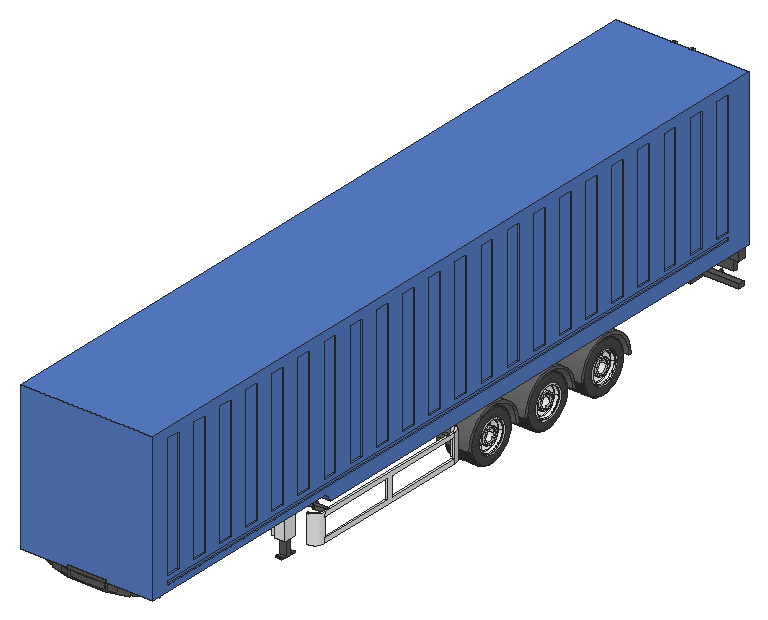
Revit family "Lorry Trailer", category Generic Models, Revit 2013 (continued)
Definition of nested family "Kolo"
  Reference planes (m)
    plane 8: z = 0.46
  Forms (m)
    Sweep 1, solid, material "Plast - černý"
      path origin (-2.35984, -3.06, 0.08) x (0, 1, 0) y (0, 0, 1)
        loop
          circle (1.929, 0.38) r 0.45
      profile origin (-2.35984, -1.131, 0.91) x (0, 0, -1) y (1, 0, 0)
        loop
          line (0, 2.47) -> (-0.014142, 2.455858) -> (-0.014142, 2.448838) -> (-0.009142, 2.448838) -> (-0.009142, 2.443838) -> (-0.014142, 2.443838) -> (-0.014142, 2.435871) -> (-0.009142, 2.435871) -> (-0.009142, 2.429764) -> (-0.014142, 2.429764) -> (-0.014142, 2.422625) -> (-0.009142, 2.422625) -> (-0.009142, 2.415897) -> (-0.014142, 2.415897) -> (-0.014142, 2.408758) -> (-0.009142, 2.408758) -> (-0.009142, 2.403758) -> (-0.014142, 2.403758) -> (-0.014142, 2.39579) -> (-0.009142, 2.39579) -> (-0.009142, 2.389684) -> (-0.014142, 2.389684) -> (-0.014142, 2.382544) -> (-0.009142, 2.382544) -> (-0.009142, 2.375817) -> (-0.014142, 2.375817) -> (-0.014142, 2.368677) -> (-0.009142, 2.368677) -> (-0.009142, 2.363677) -> (-0.014142, 2.363677) -> (-0.014142, 2.35571) -> (-0.009142, 2.35571) -> (-0.009142, 2.349604) -> (-0.014142, 2.349604) -> (-0.014142, 2.342464) -> (-0.009142, 2.342464) -> (-0.009142, 2.335736) -> (-0.014142, 2.335736) -> (-0.014142, 2.329142) -> (-0.009142, 2.329142) -> (-0.009142, 2.322939) -> (-0.014142, 2.322939) -> (-0.014142, 2.316654) -> (-0.009142, 2.316654) -> (-0.009142, 2.311564) -> (-0.014142, 2.311564) -> (-0.014142, 2.306564) -> (-0.009142, 2.306564) -> (-0.009142, 2.302483) -> (-0.014142, 2.302483) -> (-0.014142, 2.297483) -> (-0.009142, 2.297483) -> (-0.009142, 2.291376) -> (-0.014142, 2.291376) -> (-0.014142, 2.284237) -> (-0.009142, 2.284237) -> (-0.009142, 2.277509) -> (-0.014142, 2.277509) -> (-0.014142, 2.270915) -> (-0.009142, 2.270915) -> (-0.009142, 2.264256) -> (-0.014142, 2.264256) -> (-0.014142, 2.259187) -> (0, 2.245045)
          arc (0, 2.245045) -> (0.080271, 2.235506) -> (0.160807, 2.242455) r 0.396274
          line (0.160807, 2.242455) -> (0.160807, 2.47259)
          arc (0.160807, 2.47259) -> (0.080271, 2.479539) -> (0, 2.47) r 0.396274
    Sweep 2, solid, material "Ocel - černá"
      path origin (-2.35984, -3.06, 0.08) x (0, 1, 0) y (0, 0, 1)
        loop
          circle (1.929, 0.38) r 0.289193
      profile origin (-2.35984, -1.131, 0.749193) x (0, 0, -1) y (1, 0, 0)
        loop
          line (-0.007124, 2.48151) -> (-0.007124, 2.48) -> (0, 2.48) -> (0, 2.259187) -> (0.175327, 2.259187) -> (0.175327, 2.26973) -> (0.108566, 2.313379) -> (0.108566, 2.323379) -> (0.039622, 2.38123) -> (0.039622, 2.41123) -> (0.019622, 2.445871) -> (0.011848, 2.465858) -> (0.011848, 2.483689) -> (-0.007124, 2.483689) -> (-0.007124, 2.48151)
    Extrusion 3, solid, material "Hliník - eloxovaný"
      sketch origin (0.19016, -3.06, 0.08) x (0, 1, 0) y (0, 0, -1)
        loop
          line (1.919, -0.253043) -> (1.929, -0.258817) -> (1.939, -0.253043) -> (1.939, -0.241496) -> (1.929, -0.235723) -> (1.919, -0.241496) -> (1.919, -0.253043)
        loop
          line (1.860863, -0.263294) -> (1.870863, -0.269068) -> (1.880863, -0.263294) -> (1.880863, -0.251747) -> (1.870863, -0.245974) -> (1.860863, -0.251747) -> (1.860863, -0.263294)
        loop
          line (1.8149, -0.301861) -> (1.8249, -0.307635) -> (1.8349, -0.301861) -> (1.8349, -0.290314) -> (1.8249, -0.284541) -> (1.8149, -0.290314) -> (1.8149, -0.301861)
        loop
          line (1.791857, -0.351277) -> (1.801857, -0.357051) -> (1.811857, -0.351277) -> (1.811857, -0.33973) -> (1.801857, -0.333957) -> (1.791857, -0.33973) -> (1.791857, -0.351277)
        loop
          line (1.997137, -0.263294) -> (1.997137, -0.251747) -> (1.987137, -0.245974) -> (1.977137, -0.251747) -> (1.977137, -0.263294) -> (1.987137, -0.269068) -> (1.997137, -0.263294)
        loop
          line (2.0431, -0.301861) -> (2.0431, -0.290314) -> (2.0331, -0.284541) -> (2.0231, -0.290314) -> (2.0231, -0.301861) -> (2.0331, -0.307635) -> (2.0431, -0.301861)
        loop
          line (2.066143, -0.351277) -> (2.066143, -0.33973) -> (2.056143, -0.333957) -> (2.046143, -0.33973) -> (2.046143, -0.351277) -> (2.056143, -0.357051) -> (2.066143, -0.351277)
        loop
          line (1.919, -0.506957) -> (1.919, -0.518504) -> (1.929, -0.524277) -> (1.939, -0.518504) -> (1.939, -0.506957) -> (1.929, -0.501183) -> (1.919, -0.506957)
        loop
          line (1.860863, -0.496706) -> (1.860863, -0.508253) -> (1.870863, -0.514026) -> (1.880863, -0.508253) -> (1.880863, -0.496706) -> (1.870863, -0.490932) -> (1.860863, -0.496706)
        loop
          line (1.8149, -0.458139) -> (1.8149, -0.469686) -> (1.8249, -0.475459) -> (1.8349, -0.469686) -> (1.8349, -0.458139) -> (1.8249, -0.452365) -> (1.8149, -0.458139)
        loop
          line (1.791857, -0.408723) -> (1.791857, -0.42027) -> (1.801857, -0.426043) -> (1.811857, -0.42027) -> (1.811857, -0.408723) -> (1.801857, -0.402949) -> (1.791857, -0.408723)
        loop
          line (1.997137, -0.496706) -> (1.987137, -0.490932) -> (1.977137, -0.496706) -> (1.977137, -0.508253) -> (1.987137, -0.514026) -> (1.997137, -0.508253) -> (1.997137, -0.496706)
        loop
          line (2.0431, -0.458139) -> (2.0331, -0.452365) -> (2.0231, -0.458139) -> (2.0231, -0.469686) -> (2.0331, -0.475459) -> (2.0431, -0.469686) -> (2.0431, -0.458139)
        loop
          line (2.066143, -0.408723) -> (2.056143, -0.402949) -> (2.046143, -0.408723) -> (2.046143, -0.42027) -> (2.056143, -0.426043) -> (2.066143, -0.42027) -> (2.066143, -0.408723)
      from 0.094142 to 0.247517
    Extrusion 4, solid, material "Hliník - eloxovaný"
      sketch origin (0.19016, -3.06, 0.08) x (0, 1, 0) y (0, 0, -1)
        loop
          circle (1.929, -0.38) r 0.153718
        loop
          circle (1.929, -0.38) r 0.113718
      from 0.120396 to 0.307545
  Automatic sketch dimensions
    Sweep 1 sketch curve to profile plane = 0.000 m  (x2)
    profile plane to Sweep 1 sketch curve = 0.009142 m  (x4)
    Sweep 1 sketch curve to Sweep 1 sketch curve = 0.007967 m  (x6)
    Sweep 1 sketch curve to Sweep 1 sketch curve = 0.006285 m  (x2)
    Sweep 1 sketch curve to Sweep 1 sketch curve = 0.005 m  (x21)
    Sweep 1 sketch curve to Sweep 1 sketch curve = 0.00714 m  (x10)
    Sweep 1 sketch curve to Sweep 1 sketch curve = 0.006594 m  (x4)
    Sweep 1 sketch curve to Sweep 1 sketch curve = 0.004081 m  (x2)
    Sweep 1 sketch curve to profile plane = 0.086653 m  (x2)
    Sweep 1 sketch curve to profile plane = 0.160807 m
    profile plane to Sweep 1 sketch curve = 2.083317 m
    Sweep 1 sketch curve to Sweep 1 sketch curve = 0.175567 m
    Sweep 1 sketch curve to Sweep 1 sketch curve = 0.160828 m
    Sweep 1 sketch curve to Sweep 1 sketch curve = 0.020 m  (x2)
    Sweep 1 sketch curve to Sweep 1 sketch curve = 0.005068 m
    Sweep 1 sketch curve to Sweep 1 sketch curve = 0.006659 m
    Sweep 1 sketch curve to Sweep 1 sketch curve = 0.006728 m  (x4)
    Sweep 1 sketch curve to Sweep 1 sketch curve = 0.006106 m  (x4)
    Sweep 1 sketch curve to Sweep 1 sketch curve = 0.00509 m
    Sweep 1 sketch curve to Sweep 1 sketch curve = 0.006203 m
    Sweep 1 sketch curve to Sweep 1 sketch curve = 0.00702 m
    Sweep 2 sketch curve to profile plane = 0.000 m
    profile plane to Sweep 2 sketch curve = 0.007124 m
    Sweep 2 sketch curve to profile plane = 0.011848 m
    Sweep 2 sketch curve to profile plane = 0.019622 m
    Sweep 2 sketch curve to profile plane = 0.039622 m
    Sweep 2 sketch curve to Sweep 2 sketch curve = 0.090 m  (x2)
    Sweep 2 sketch curve to Sweep 2 sketch curve = 0.085987 m
    profile plane to Sweep 2 sketch curve = 2.259187 m
    Sweep 2 sketch curve to Sweep 2 sketch curve = 0.010543 m
    Sweep 2 sketch curve to Sweep 2 sketch curve = 0.079763 m
    Sweep 2 sketch curve to Sweep 2 sketch curve = 0.010 m
    Sweep 2 sketch curve to Sweep 2 sketch curve = 0.030 m
    Sweep 2 sketch curve to Sweep 2 sketch curve = 0.040 m
    Sweep 2 sketch curve to Sweep 2 sketch curve = 0.021446 m
    Sweep 2 sketch curve to Sweep 2 sketch curve = 0.018449 m
    Sweep 2 sketch curve to Sweep 2 sketch curve = 0.00151 m
    Sweep 2 sketch curve to Sweep 2 sketch curve = 0.002179 m
Definition of nested family "Rezerva"
  Reference planes (m)
    plane 1: y = 0
    plane 2: z = 0
    plane 3: x = 0
    plane 4: y = 1.131
    plane 5: y = 0
    plane 6: y = -1.131
  Forms (m)
    Sweep 1, solid, material "Plast - černý"
      path origin (0.38, -3.06, -1.89984) x (0, 1, 0) y (-1, 0, 0)
        loop
          circle (1.929, 0.38) r 0.45
      profile origin (-0.45, -1.131, -1.89984) x (1, 0, 0) y (0, 0, 1)
        loop
          line (0, 2.47) -> (-0.014142, 2.455858) -> (-0.014142, 2.448838) -> (-0.009142, 2.448838) -> (-0.009142, 2.443838) -> (-0.014142, 2.443838) -> (-0.014142, 2.435871) -> (-0.009142, 2.435871) -> (-0.009142, 2.429764) -> (-0.014142, 2.429764) -> (-0.014142, 2.422625) -> (-0.009142, 2.422625) -> (-0.009142, 2.415897) -> (-0.014142, 2.415897) -> (-0.014142, 2.408758) -> (-0.009142, 2.408758) -> (-0.009142, 2.403758) -> (-0.014142, 2.403758) -> (-0.014142, 2.39579) -> (-0.009142, 2.39579) -> (-0.009142, 2.389684) -> (-0.014142, 2.389684) -> (-0.014142, 2.382544) -> (-0.009142, 2.382544) -> (-0.009142, 2.375817) -> (-0.014142, 2.375817) -> (-0.014142, 2.368677) -> (-0.009142, 2.368677) -> (-0.009142, 2.363677) -> (-0.014142, 2.363677) -> (-0.014142, 2.35571) -> (-0.009142, 2.35571) -> (-0.009142, 2.349604) -> (-0.014142, 2.349604) -> (-0.014142, 2.342464) -> (-0.009142, 2.342464) -> (-0.009142, 2.335736) -> (-0.014142, 2.335736) -> (-0.014142, 2.329142) -> (-0.009142, 2.329142) -> (-0.009142, 2.322939) -> (-0.014142, 2.322939) -> (-0.014142, 2.316654) -> (-0.009142, 2.316654) -> (-0.009142, 2.311564) -> (-0.014142, 2.311564) -> (-0.014142, 2.306564) -> (-0.009142, 2.306564) -> (-0.009142, 2.302483) -> (-0.014142, 2.302483) -> (-0.014142, 2.297483) -> (-0.009142, 2.297483) -> (-0.009142, 2.291376) -> (-0.014142, 2.291376) -> (-0.014142, 2.284237) -> (-0.009142, 2.284237) -> (-0.009142, 2.277509) -> (-0.014142, 2.277509) -> (-0.014142, 2.270915) -> (-0.009142, 2.270915) -> (-0.009142, 2.264256) -> (-0.014142, 2.264256) -> (-0.014142, 2.259187) -> (0, 2.245045)
          arc (0, 2.245045) -> (0.080271, 2.235506) -> (0.160807, 2.242455) r 0.396274
          line (0.160807, 2.242455) -> (0.160807, 2.47259)
          arc (0.160807, 2.47259) -> (0.080271, 2.479539) -> (0, 2.47) r 0.396274
    Sweep 2, solid, material "Ocel - černá"
      path origin (0.38, -3.06, -1.89984) x (0, 1, 0) y (-1, 0, 0)
        loop
          circle (1.929, 0.38) r 0.289193
      profile origin (-0.289193, -1.131, -1.89984) x (1, 0, 0) y (0, 0, 1)
        loop
          line (-0.007124, 2.48151) -> (-0.007124, 2.48) -> (0, 2.48) -> (0, 2.259187) -> (0.175327, 2.259187) -> (0.175327, 2.26973) -> (0.108566, 2.313379) -> (0.108566, 2.323379) -> (0.039622, 2.38123) -> (0.039622, 2.41123) -> (0.019622, 2.445871) -> (0.011848, 2.465858) -> (0.011848, 2.483689) -> (-0.007124, 2.483689) -> (-0.007124, 2.48151)
Definition of nested family "Zadní světla"
  Reference planes (m)
    plane 1: y = 0
    plane 2: z = 0
    plane 3: x = 0
  Forms (m)
    Extrusion 1, solid, material "Plast - oranžová"
      sketch origin (0.271913, 0.150971, 0.9283) x (0, 0, -1) y (0, 1, 0)
        loop
          line (0.203407, -0.102642) -> (0.203407, -0.072642) -> (0.079002, -0.072642) -> (0.079002, -0.102642) -> (0.203407, -0.102642)
      from -0.137167 to -0.04
    Extrusion 2, solid, material "Plast - světle oranžový"
      sketch origin (-0.002421, 0.150971, 0.9283) x (0, 0, -1) y (0, -1, 0)
        loop
          line (0.203407, 0.102642) -> (0.079002, 0.102642) -> (0.079002, 0.072642) -> (0.203407, 0.072642) -> (0.203407, 0.102642)
      from -0.137167 to 0.086215
    Extrusion 3, solid
      sketch origin (-0.185254, 0.150971, 0.9283) x (0, 0, -1) y (0, -1, 0)
        loop
          line (0.203407, 0.102642) -> (0.079002, 0.102642) -> (0.079002, 0.072642) -> (0.203407, 0.072642) -> (0.203407, 0.102642)
      from -0.096618 to -0.004842
  Dimensions and locks (m)
    aligned: Extrusion 2 to Extrusion 3
